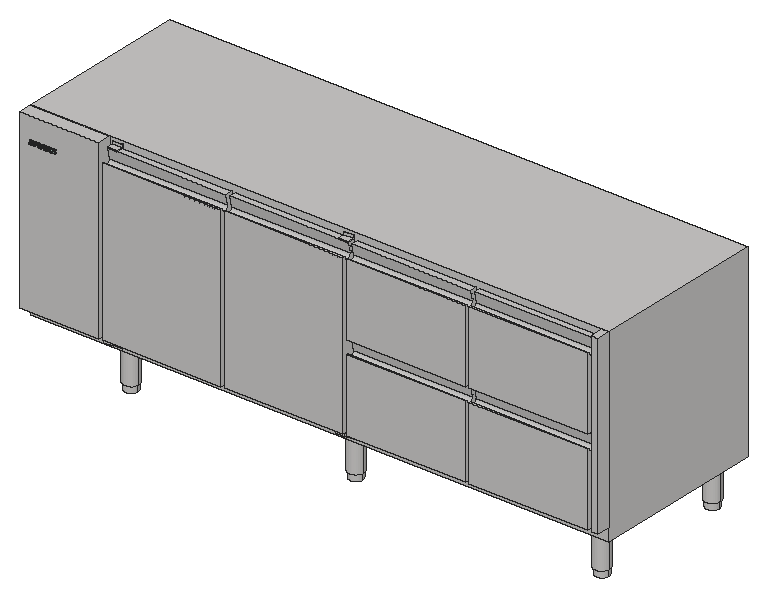
Revit family "QF_ALPENINOX_721090_AK4R7AABB", category Attrezzature speciali, Revit 2018 (continued)
Definition of nested family "HPC_APX_BI_TN_L"
  Lines and regions (mm)
    Split face 120
      outline origin (110, -951.3, 50) x (1, 0, 0) y (0, 1, 0)
        loop
          arc (-218.464, 607.474) -> (-222.464, 603.474) -> (-218.464, 599.474) r 4
          line (-218.464, 599.474) -> (-176.464, 599.474)
          arc (-176.464, 599.474) -> (-172.464, 603.474) -> (-176.464, 607.474) r 4
          line (-176.464, 607.474) -> (-218.464, 607.474)
    Split face 121
      outline origin (220, -951.3, 50) x (1, 0, 0) y (0, 1, 0)
        loop
          arc (-273.464, 607.474) -> (-277.464, 603.474) -> (-273.464, 599.474) r 4
          line (-273.464, 599.474) -> (-231.464, 599.474)
          arc (-231.464, 599.474) -> (-227.464, 603.474) -> (-231.464, 607.474) r 4
          line (-231.464, 607.474) -> (-273.464, 607.474)
    Split face 122
      outline origin (0, -975.3, 50) x (1, 0, 0) y (0, 1, 0)
        loop
          arc (-163.464, 619.474) -> (-167.464, 615.474) -> (-163.464, 611.474) r 4
          line (-163.464, 611.474) -> (-121.464, 611.474)
          arc (-121.464, 611.474) -> (-117.464, 615.474) -> (-121.464, 619.474) r 4
          line (-121.464, 619.474) -> (-163.464, 619.474)
    Split face 123
      outline origin (330, -975.3, 50) x (1, 0, 0) y (0, 1, 0)
        loop
          arc (-328.464, 619.474) -> (-332.464, 615.474) -> (-328.464, 611.474) r 4
          line (-328.464, 611.474) -> (-286.464, 611.474)
          arc (-286.464, 611.474) -> (-282.464, 615.474) -> (-286.464, 619.474) r 4
          line (-286.464, 619.474) -> (-328.464, 619.474)
    Split face 124
      outline origin (110, -975.3, 50) x (1, 0, 0) y (0, 1, 0)
        loop
          arc (-218.464, 619.474) -> (-222.464, 615.474) -> (-218.464, 611.474) r 4
          line (-218.464, 611.474) -> (-176.464, 611.474)
          arc (-176.464, 611.474) -> (-172.464, 615.474) -> (-176.464, 619.474) r 4
          line (-176.464, 619.474) -> (-218.464, 619.474)
    Split face 125
      outline origin (220, -975.3, 50) x (1, 0, 0) y (0, 1, 0)
        loop
          arc (-273.464, 619.474) -> (-277.464, 615.474) -> (-273.464, 611.474) r 4
          line (-273.464, 611.474) -> (-231.464, 611.474)
          arc (-231.464, 611.474) -> (-227.464, 615.474) -> (-231.464, 619.474) r 4
          line (-231.464, 619.474) -> (-273.464, 619.474)
    Split face 126
      outline origin (0, -999.3, 50) x (1, 0, 0) y (0, 1, 0)
        loop
          arc (-163.464, 631.474) -> (-167.464, 627.474) -> (-163.464, 623.474) r 4
          line (-163.464, 623.474) -> (-121.464, 623.474)
          arc (-121.464, 623.474) -> (-117.464, 627.474) -> (-121.464, 631.474) r 4
          line (-121.464, 631.474) -> (-163.464, 631.474)
    Split face 127
      outline origin (330, -999.3, 50) x (1, 0, 0) y (0, 1, 0)
        loop
          arc (-328.464, 631.474) -> (-332.464, 627.474) -> (-328.464, 623.474) r 4
          line (-328.464, 623.474) -> (-286.464, 623.474)
          arc (-286.464, 623.474) -> (-282.464, 627.474) -> (-286.464, 631.474) r 4
          line (-286.464, 631.474) -> (-328.464, 631.474)
    Split face 128
      outline origin (110, -999.3, 50) x (1, 0, 0) y (0, 1, 0)
        loop
          arc (-218.464, 631.474) -> (-222.464, 627.474) -> (-218.464, 623.474) r 4
          line (-218.464, 623.474) -> (-176.464, 623.474)
          arc (-176.464, 623.474) -> (-172.464, 627.474) -> (-176.464, 631.474) r 4
          line (-176.464, 631.474) -> (-218.464, 631.474)
    Split face 129
      outline origin (220, -999.3, 50) x (1, 0, 0) y (0, 1, 0)
        loop
          arc (-273.464, 631.474) -> (-277.464, 627.474) -> (-273.464, 623.474) r 4
          line (-273.464, 623.474) -> (-231.464, 623.474)
          arc (-231.464, 623.474) -> (-227.464, 627.474) -> (-231.464, 631.474) r 4
          line (-231.464, 631.474) -> (-273.464, 631.474)
    Split face 130
      outline origin (0, -1023.3, 50) x (1, 0, 0) y (0, 1, 0)
        loop
          arc (-163.464, 643.474) -> (-167.464, 639.474) -> (-163.464, 635.474) r 4
          line (-163.464, 635.474) -> (-121.464, 635.474)
          arc (-121.464, 635.474) -> (-117.464, 639.474) -> (-121.464, 643.474) r 4
          line (-121.464, 643.474) -> (-163.464, 643.474)
    Split face 131
      outline origin (330, -1023.3, 50) x (1, 0, 0) y (0, 1, 0)
        loop
          arc (-328.464, 643.474) -> (-332.464, 639.474) -> (-328.464, 635.474) r 4
          line (-328.464, 635.474) -> (-286.464, 635.474)
          arc (-286.464, 635.474) -> (-282.464, 639.474) -> (-286.464, 643.474) r 4
          line (-286.464, 643.474) -> (-328.464, 643.474)
    Split face 132
      outline origin (110, -1023.3, 50) x (1, 0, 0) y (0, 1, 0)
        loop
          arc (-218.464, 643.474) -> (-222.464, 639.474) -> (-218.464, 635.474) r 4
          line (-218.464, 635.474) -> (-176.464, 635.474)
          arc (-176.464, 635.474) -> (-172.464, 639.474) -> (-176.464, 643.474) r 4
          line (-176.464, 643.474) -> (-218.464, 643.474)
    Split face 133
      outline origin (220, -1023.3, 50) x (1, 0, 0) y (0, 1, 0)
        loop
          arc (-273.464, 643.474) -> (-277.464, 639.474) -> (-273.464, 635.474) r 4
          line (-273.464, 635.474) -> (-231.464, 635.474)
          arc (-231.464, 635.474) -> (-227.464, 639.474) -> (-231.464, 643.474) r 4
          line (-231.464, 643.474) -> (-273.464, 643.474)
    symbolic lines
      curve 1: line (87.08, -74, 50) -> (87.08, -74, 0)
  Dimensions and locks
    equal spacing: plane 6, plane 1 "Center (Front/Back)", plane 7
    equal spacing: plane 4, plane 3 "Center (Left/Right)", plane 5
    aligned and locked: plane 2 to Extrusion 1
    aligned and locked: level to Extrusion 1
  Automatic sketch dimensions
    Split face 5 sketch curve to Split face 5 sketch curve = 42 mm
    Split face 5 sketch curve to Split face 5 sketch curve = 4 mm
    Split face 6 sketch curve to Split face 6 sketch curve = 42 mm
    Split face 6 sketch curve to Split face 6 sketch curve = 4 mm
    Split face 7 sketch curve to Split face 7 sketch curve = 42 mm
    Split face 7 sketch curve to Split face 7 sketch curve = 4 mm
    Split face 8 sketch curve to Split face 8 sketch curve = 42 mm
    Split face 8 sketch curve to Split face 8 sketch curve = 4 mm
    Split face 9 sketch curve to Split face 9 sketch curve = 42 mm
    Split face 9 sketch curve to Split face 9 sketch curve = 4 mm
    Split face 10 sketch curve to Split face 10 sketch curve = 42 mm
    Split face 10 sketch curve to Split face 10 sketch curve = 4 mm
    Split face 11 sketch curve to Split face 11 sketch curve = 42 mm
    Split face 11 sketch curve to Split face 11 sketch curve = 4 mm
    Split face 12 sketch curve to Split face 12 sketch curve = 42 mm
    Split face 12 sketch curve to Split face 12 sketch curve = 4 mm
    Split face 13 sketch curve to Split face 13 sketch curve = 42 mm
    Split face 13 sketch curve to Split face 13 sketch curve = 4 mm
    Split face 14 sketch curve to Split face 14 sketch curve = 42 mm
    Split face 14 sketch curve to Split face 14 sketch curve = 4 mm
    Split face 15 sketch curve to Split face 15 sketch curve = 42 mm
    Split face 15 sketch curve to Split face 15 sketch curve = 4 mm
    Split face 16 sketch curve to Split face 16 sketch curve = 42 mm
    Split face 16 sketch curve to Split face 16 sketch curve = 4 mm
    Split face 17 sketch curve to Split face 17 sketch curve = 42 mm
    Split face 17 sketch curve to Split face 17 sketch curve = 4 mm
    Split face 18 sketch curve to Split face 18 sketch curve = 42 mm
    Split face 18 sketch curve to Split face 18 sketch curve = 4 mm
    Split face 19 sketch curve to Split face 19 sketch curve = 42 mm
    Split face 19 sketch curve to Split face 19 sketch curve = 4 mm
    Split face 20 sketch curve to Split face 20 sketch curve = 42 mm
    Split face 20 sketch curve to Split face 20 sketch curve = 4 mm
    Split face 21 sketch curve to Split face 21 sketch curve = 42 mm
    Split face 21 sketch curve to Split face 21 sketch curve = 4 mm
    Split face 22 sketch curve to Split face 22 sketch curve = 42 mm
    Split face 22 sketch curve to Split face 22 sketch curve = 4 mm
    Split face 23 sketch curve to Split face 23 sketch curve = 42 mm
    Split face 23 sketch curve to Split face 23 sketch curve = 4 mm
    Split face 24 sketch curve to Split face 24 sketch curve = 42 mm
    Split face 24 sketch curve to Split face 24 sketch curve = 4 mm
    Split face 25 sketch curve to Split face 25 sketch curve = 42 mm
    Split face 25 sketch curve to Split face 25 sketch curve = 4 mm
    Split face 26 sketch curve to Split face 26 sketch curve = 42 mm
    Split face 26 sketch curve to Split face 26 sketch curve = 4 mm
    Split face 27 sketch curve to Split face 27 sketch curve = 42 mm
    Split face 27 sketch curve to Split face 27 sketch curve = 4 mm
    Split face 28 sketch curve to Split face 28 sketch curve = 42 mm
    Split face 28 sketch curve to Split face 28 sketch curve = 4 mm
    Split face 29 sketch curve to Split face 29 sketch curve = 42 mm
    Split face 29 sketch curve to Split face 29 sketch curve = 4 mm
    Split face 30 sketch curve to Split face 30 sketch curve = 42 mm
    Split face 30 sketch curve to Split face 30 sketch curve = 4 mm
    Split face 31 sketch curve to Split face 31 sketch curve = 42 mm
    Split face 31 sketch curve to Split face 31 sketch curve = 4 mm
    Split face 32 sketch curve to Split face 32 sketch curve = 42 mm
    Split face 32 sketch curve to Split face 32 sketch curve = 4 mm
    Split face 33 sketch curve to Split face 33 sketch curve = 42 mm
    Split face 33 sketch curve to Split face 33 sketch curve = 4 mm
    Split face 34 sketch curve to Split face 34 sketch curve = 42 mm
    Split face 34 sketch curve to Split face 34 sketch curve = 4 mm
    Split face 35 sketch curve to Split face 35 sketch curve = 42 mm
    Split face 35 sketch curve to Split face 35 sketch curve = 4 mm
    Split face 36 sketch curve to Split face 36 sketch curve = 42 mm
    Split face 36 sketch curve to Split face 36 sketch curve = 4 mm
    Split face 37 sketch curve to Split face 37 sketch curve = 42 mm
    Split face 37 sketch curve to Split face 37 sketch curve = 4 mm
    Split face 38 sketch curve to Split face 38 sketch curve = 42 mm
    Split face 38 sketch curve to Split face 38 sketch curve = 4 mm
    Split face 39 sketch curve to Split face 39 sketch curve = 42 mm
    Split face 39 sketch curve to Split face 39 sketch curve = 4 mm
    Split face 40 sketch curve to Split face 40 sketch curve = 42 mm
    Split face 40 sketch curve to Split face 40 sketch curve = 4 mm
    Split face 41 sketch curve to Split face 41 sketch curve = 42 mm
    Split face 41 sketch curve to Split face 41 sketch curve = 4 mm
    Split face 42 sketch curve to Split face 42 sketch curve = 42 mm
    Split face 42 sketch curve to Split face 42 sketch curve = 4 mm
    Split face 43 sketch curve to Split face 43 sketch curve = 42 mm
    Split face 43 sketch curve to Split face 43 sketch curve = 4 mm
    Split face 44 sketch curve to Split face 44 sketch curve = 42 mm
    Split face 44 sketch curve to Split face 44 sketch curve = 4 mm
    Split face 45 sketch curve to Split face 45 sketch curve = 42 mm
    Split face 45 sketch curve to Split face 45 sketch curve = 4 mm
    Split face 46 sketch curve to Split face 46 sketch curve = 42 mm
    Split face 46 sketch curve to Split face 46 sketch curve = 4 mm
    Split face 47 sketch curve to Split face 47 sketch curve = 42 mm
    Split face 47 sketch curve to Split face 47 sketch curve = 4 mm
    Split face 48 sketch curve to Split face 48 sketch curve = 42 mm
    Split face 48 sketch curve to Split face 48 sketch curve = 4 mm
    Split face 49 sketch curve to Split face 49 sketch curve = 42 mm
    Split face 49 sketch curve to Split face 49 sketch curve = 4 mm
    Split face 50 sketch curve to Split face 50 sketch curve = 42 mm
    Split face 50 sketch curve to Split face 50 sketch curve = 4 mm
    Split face 51 sketch curve to Split face 51 sketch curve = 42 mm
    Split face 51 sketch curve to Split face 51 sketch curve = 4 mm
    Split face 52 sketch curve to Split face 52 sketch curve = 42 mm
    Split face 52 sketch curve to Split face 52 sketch curve = 4 mm
    Split face 53 sketch curve to Split face 53 sketch curve = 42 mm
    Split face 53 sketch curve to Split face 53 sketch curve = 4 mm
    Split face 54 sketch curve to Split face 54 sketch curve = 42 mm
    Split face 54 sketch curve to Split face 54 sketch curve = 4 mm
    Split face 55 sketch curve to Split face 55 sketch curve = 42 mm
    Split face 55 sketch curve to Split face 55 sketch curve = 4 mm
    Split face 56 sketch curve to Split face 56 sketch curve = 42 mm
    Split face 56 sketch curve to Split face 56 sketch curve = 4 mm
    Split face 57 sketch curve to Split face 57 sketch curve = 42 mm
    Split face 57 sketch curve to Split face 57 sketch curve = 4 mm
    Split face 58 sketch curve to Split face 58 sketch curve = 42 mm
    Split face 58 sketch curve to Split face 58 sketch curve = 4 mm
    Split face 59 sketch curve to Split face 59 sketch curve = 42 mm
    Split face 59 sketch curve to Split face 59 sketch curve = 4 mm
    Split face 60 sketch curve to Split face 60 sketch curve = 42 mm
    Split face 60 sketch curve to Split face 60 sketch curve = 4 mm
    Split face 61 sketch curve to Split face 61 sketch curve = 42 mm
    Split face 61 sketch curve to Split face 61 sketch curve = 4 mm
    Split face 62 sketch curve to Split face 62 sketch curve = 42 mm
    Split face 62 sketch curve to Split face 62 sketch curve = 4 mm
    Split face 63 sketch curve to Split face 63 sketch curve = 42 mm
    Split face 63 sketch curve to Split face 63 sketch curve = 4 mm
    Split face 64 sketch curve to Split face 64 sketch curve = 42 mm
    Split face 64 sketch curve to Split face 64 sketch curve = 4 mm
    Split face 65 sketch curve to Split face 65 sketch curve = 42 mm
    Split face 65 sketch curve to Split face 65 sketch curve = 4 mm
    Split face 66 sketch curve to Split face 66 sketch curve = 42 mm
    Split face 66 sketch curve to Split face 66 sketch curve = 4 mm
    Split face 67 sketch curve to Split face 67 sketch curve = 42 mm
    Split face 67 sketch curve to Split face 67 sketch curve = 4 mm
    Split face 68 sketch curve to Split face 68 sketch curve = 42 mm
    Split face 68 sketch curve to Split face 68 sketch curve = 4 mm
    Split face 70 sketch curve to Split face 70 sketch curve = 42 mm
    Split face 70 sketch curve to Split face 70 sketch curve = 4 mm
    Split face 71 sketch curve to Split face 71 sketch curve = 42 mm
    Split face 71 sketch curve to Split face 71 sketch curve = 4 mm
    Split face 72 sketch curve to Split face 72 sketch curve = 42 mm
    Split face 72 sketch curve to Split face 72 sketch curve = 4 mm
    Split face 73 sketch curve to Split face 73 sketch curve = 42 mm
    Split face 73 sketch curve to Split face 73 sketch curve = 4 mm
    Split face 74 sketch curve to Split face 74 sketch curve = 42 mm
    Split face 74 sketch curve to Split face 74 sketch curve = 4 mm
    Split face 75 sketch curve to Split face 75 sketch curve = 42 mm
    Split face 75 sketch curve to Split face 75 sketch curve = 4 mm
    Split face 76 sketch curve to Split face 76 sketch curve = 42 mm
    Split face 76 sketch curve to Split face 76 sketch curve = 4 mm
    Split face 77 sketch curve to Split face 77 sketch curve = 42 mm
    Split face 77 sketch curve to Split face 77 sketch curve = 4 mm
    Split face 78 sketch curve to Split face 78 sketch curve = 42 mm
    Split face 78 sketch curve to Split face 78 sketch curve = 4 mm
    Split face 79 sketch curve to Split face 79 sketch curve = 42 mm
    Split face 79 sketch curve to Split face 79 sketch curve = 4 mm
    Split face 80 sketch curve to Split face 80 sketch curve = 42 mm
    Split face 80 sketch curve to Split face 80 sketch curve = 4 mm
    Split face 81 sketch curve to Split face 81 sketch curve = 42 mm
    Split face 81 sketch curve to Split face 81 sketch curve = 4 mm
    Split face 82 sketch curve to Split face 82 sketch curve = 42 mm
    Split face 82 sketch curve to Split face 82 sketch curve = 4 mm
    Split face 83 sketch curve to Split face 83 sketch curve = 42 mm
    Split face 83 sketch curve to Split face 83 sketch curve = 4 mm
    Split face 84 sketch curve to Split face 84 sketch curve = 42 mm
    Split face 84 sketch curve to Split face 84 sketch curve = 4 mm
    Split face 85 sketch curve to Split face 85 sketch curve = 42 mm
    Split face 85 sketch curve to Split face 85 sketch curve = 4 mm
    Split face 86 sketch curve to Split face 86 sketch curve = 42 mm
    Split face 86 sketch curve to Split face 86 sketch curve = 4 mm
    Split face 87 sketch curve to Split face 87 sketch curve = 42 mm
    Split face 87 sketch curve to Split face 87 sketch curve = 4 mm
    Split face 88 sketch curve to Split face 88 sketch curve = 42 mm
    Split face 88 sketch curve to Split face 88 sketch curve = 4 mm
    Split face 89 sketch curve to Split face 89 sketch curve = 42 mm
    Split face 89 sketch curve to Split face 89 sketch curve = 4 mm
    Split face 90 sketch curve to Split face 90 sketch curve = 42 mm
    Split face 90 sketch curve to Split face 90 sketch curve = 4 mm
    Split face 91 sketch curve to Split face 91 sketch curve = 42 mm
    Split face 91 sketch curve to Split face 91 sketch curve = 4 mm
    Split face 92 sketch curve to Split face 92 sketch curve = 42 mm
    Split face 92 sketch curve to Split face 92 sketch curve = 4 mm
    Split face 93 sketch curve to Split face 93 sketch curve = 42 mm
    Split face 93 sketch curve to Split face 93 sketch curve = 4 mm
    Split face 94 sketch curve to Split face 94 sketch curve = 42 mm
    Split face 94 sketch curve to Split face 94 sketch curve = 4 mm
    Split face 95 sketch curve to Split face 95 sketch curve = 42 mm
    Split face 95 sketch curve to Split face 95 sketch curve = 4 mm
    Split face 96 sketch curve to Split face 96 sketch curve = 42 mm
    Split face 96 sketch curve to Split face 96 sketch curve = 4 mm
    Split face 97 sketch curve to Split face 97 sketch curve = 42 mm
    Split face 97 sketch curve to Split face 97 sketch curve = 4 mm
    Split face 98 sketch curve to Split face 98 sketch curve = 42 mm
    Split face 98 sketch curve to Split face 98 sketch curve = 4 mm
    Split face 99 sketch curve to Split face 99 sketch curve = 42 mm
    Split face 99 sketch curve to Split face 99 sketch curve = 4 mm
    Split face 100 sketch curve to Split face 100 sketch curve = 42 mm
    Split face 100 sketch curve to Split face 100 sketch curve = 4 mm
    Split face 101 sketch curve to Split face 101 sketch curve = 42 mm
    Split face 101 sketch curve to Split face 101 sketch curve = 4 mm
    Split face 102 sketch curve to Split face 102 sketch curve = 42 mm
    Split face 102 sketch curve to Split face 102 sketch curve = 4 mm
    Split face 103 sketch curve to Split face 103 sketch curve = 42 mm
    Split face 103 sketch curve to Split face 103 sketch curve = 4 mm
    Split face 104 sketch curve to Split face 104 sketch curve = 42 mm
    Split face 104 sketch curve to Split face 104 sketch curve = 4 mm
    Split face 105 sketch curve to Split face 105 sketch curve = 42 mm
    Split face 105 sketch curve to Split face 105 sketch curve = 4 mm
    Split face 106 sketch curve to Split face 106 sketch curve = 42 mm
    Split face 106 sketch curve to Split face 106 sketch curve = 4 mm
    Split face 107 sketch curve to Split face 107 sketch curve = 42 mm
    Split face 107 sketch curve to Split face 107 sketch curve = 4 mm
    Split face 108 sketch curve to Split face 108 sketch curve = 42 mm
    Split face 108 sketch curve to Split face 108 sketch curve = 4 mm
    Split face 109 sketch curve to Split face 109 sketch curve = 42 mm
    Split face 109 sketch curve to Split face 109 sketch curve = 4 mm
    Split face 110 sketch curve to Split face 110 sketch curve = 42 mm
    Split face 110 sketch curve to Split face 110 sketch curve = 4 mm
    Split face 111 sketch curve to Split face 111 sketch curve = 42 mm
    Split face 111 sketch curve to Split face 111 sketch curve = 4 mm
    Split face 112 sketch curve to Split face 112 sketch curve = 42 mm
    Split face 112 sketch curve to Split face 112 sketch curve = 4 mm
    Split face 113 sketch curve to Split face 113 sketch curve = 42 mm
    Split face 113 sketch curve to Split face 113 sketch curve = 4 mm
    Split face 114 sketch curve to Split face 114 sketch curve = 42 mm
    Split face 114 sketch curve to Split face 114 sketch curve = 4 mm
    Split face 115 sketch curve to Split face 115 sketch curve = 42 mm
    Split face 115 sketch curve to Split face 115 sketch curve = 4 mm
    Split face 116 sketch curve to Split face 116 sketch curve = 42 mm
    Split face 116 sketch curve to Split face 116 sketch curve = 4 mm
    Split face 117 sketch curve to Split face 117 sketch curve = 42 mm
    Split face 117 sketch curve to Split face 117 sketch curve = 4 mm
    Split face 118 sketch curve to Split face 118 sketch curve = 42 mm
    Split face 118 sketch curve to Split face 118 sketch curve = 4 mm
    Split face 119 sketch curve to Split face 119 sketch curve = 42 mm
    Split face 119 sketch curve to Split face 119 sketch curve = 4 mm
    Split face 120 sketch curve to Split face 120 sketch curve = 42 mm
    Split face 120 sketch curve to Split face 120 sketch curve = 4 mm
    Split face 121 sketch curve to Split face 121 sketch curve = 42 mm
    Split face 121 sketch curve to Split face 121 sketch curve = 4 mm
    Split face 122 sketch curve to Split face 122 sketch curve = 42 mm
    Split face 122 sketch curve to Split face 122 sketch curve = 4 mm
    Split face 123 sketch curve to Split face 123 sketch curve = 42 mm
    Split face 123 sketch curve to Split face 123 sketch curve = 4 mm
    Split face 124 sketch curve to Split face 124 sketch curve = 42 mm
    Split face 124 sketch curve to Split face 124 sketch curve = 4 mm
    Split face 125 sketch curve to Split face 125 sketch curve = 42 mm
    Split face 125 sketch curve to Split face 125 sketch curve = 4 mm
    Split face 126 sketch curve to Split face 126 sketch curve = 42 mm
    Split face 126 sketch curve to Split face 126 sketch curve = 4 mm
    Split face 127 sketch curve to Split face 127 sketch curve = 42 mm
    Split face 127 sketch curve to Split face 127 sketch curve = 4 mm
    Split face 128 sketch curve to Split face 128 sketch curve = 42 mm
    Split face 128 sketch curve to Split face 128 sketch curve = 4 mm
    Split face 129 sketch curve to Split face 129 sketch curve = 42 mm
    Split face 129 sketch curve to Split face 129 sketch curve = 4 mm
    Split face 130 sketch curve to Split face 130 sketch curve = 42 mm
    Split face 130 sketch curve to Split face 130 sketch curve = 4 mm
    Split face 131 sketch curve to Split face 131 sketch curve = 42 mm
    Split face 131 sketch curve to Split face 131 sketch curve = 4 mm
    Split face 132 sketch curve to Split face 132 sketch curve = 42 mm
    Split face 132 sketch curve to Split face 132 sketch curve = 4 mm
    Split face 133 sketch curve to Split face 133 sketch curve = 42 mm
    Split face 133 sketch curve to Split face 133 sketch curve = 4 mm
    Extrusion 1 sketch curve to Extrusion 1 sketch curve = 2438.4 mm  (x2)
    Extrusion 2 sketch curve to plane 4 = 0 mm
    Extrusion 2 sketch curve to plane 5 = 0 mm
    Extrusion 2 sketch curve to plane 7 = 0 mm
    Extrusion 2 sketch curve to plane 6 = 0 mm
    Split face 1 sketch curve to Extrusion 2 = 0 mm  (x2)
    Split face 1 sketch curve to Extrusion 2 = 34 mm
    Split face 1 sketch curve to Extrusion 2 = 104 mm
    Split face 1 sketch curve to Split face 1 sketch curve = 17.5 mm
    Split face 2 sketch curve to Extrusion 2 = 130.5 mm
    Split face 2 sketch curve to Extrusion 2 = 60.5 mm
    Split face 2 sketch curve to Extrusion 2 = 98 mm
    Split face 2 sketch curve to Split face 2 sketch curve = 23 mm
    Split face 3 sketch curve to Extrusion 2 = 80.5 mm
    Split face 3 sketch curve to Split face 3 sketch curve = 17 mm  (x2)
    Split face 3 sketch curve to Extrusion 2 = 95 mm
    plane 4 to Extrusion 3 sketch curve = 34.51 mm
    Extrusion 3 sketch curve to Extrusion 3 sketch curve = 1.266 mm
    Extrusion 3 sketch curve to Extrusion 3 sketch curve = 1.307 mm
    Extrusion 3 sketch curve to Extrusion 3 sketch curve = 0.57 mm
    Extrusion 3 sketch curve to Extrusion 3 sketch curve = 0.593 mm
    Extrusion 3 sketch curve to Extrusion 3 sketch curve = 0.799 mm
    Extrusion 3 sketch curve to Extrusion 3 sketch curve = 1.99 mm  (x2)
    Extrusion 3 sketch curve to Extrusion 3 sketch curve = 0.003 mm
    Extrusion 3 sketch curve to Extrusion 3 sketch curve = 3.534 mm
    Extrusion 3 sketch curve to Extrusion 3 sketch curve = 0.835 mm
    Extrusion 3 sketch curve to Extrusion 3 sketch curve = 0.56 mm
    Extrusion 3 sketch curve to Extrusion 3 sketch curve = 1.268 mm
    Extrusion 3 sketch curve to Extrusion 3 sketch curve = 1.223 mm
    Extrusion 3 sketch curve to Extrusion 3 sketch curve = 1.344 mm
    Extrusion 3 sketch curve to Extrusion 3 sketch curve = 1.394 mm  (x2)
    Extrusion 3 sketch curve to Extrusion 3 sketch curve = 1.512 mm
    Extrusion 3 sketch curve to Extrusion 3 sketch curve = 3.309 mm
    Extrusion 3 sketch curve to Extrusion 3 sketch curve = 5.841 mm
    Extrusion 3 sketch curve to Extrusion 3 sketch curve = 1.393 mm
    Extrusion 3 sketch curve to Extrusion 3 sketch curve = 1.439 mm
    Extrusion 3 sketch curve to Extrusion 3 sketch curve = 0 mm  (x19)
    Extrusion 3 sketch curve to Extrusion 3 sketch curve = 1.902 mm
    Extrusion 3 sketch curve to Extrusion 3 sketch curve = 0.052 mm
    Extrusion 3 sketch curve to Extrusion 3 sketch curve = 2.065 mm
    Extrusion 3 sketch curve to Extrusion 3 sketch curve = 0.647 mm
    Extrusion 3 sketch curve to Extrusion 3 sketch curve = 8.079 mm
    Extrusion 3 sketch curve to Extrusion 3 sketch curve = 0.073 mm
    Extrusion 3 sketch curve to Extrusion 3 sketch curve = 2.145 mm
    Extrusion 3 sketch curve to Extrusion 3 sketch curve = 2.931 mm
    Extrusion 3 sketch curve to Extrusion 3 sketch curve = 0.213 mm
    Extrusion 3 sketch curve to Extrusion 3 sketch curve = 0.026 mm
    Extrusion 3 sketch curve to Extrusion 3 sketch curve = 0.263 mm
    Extrusion 3 sketch curve to Extrusion 3 sketch curve = 0.516 mm
    Extrusion 3 sketch curve to Extrusion 3 sketch curve = 0.356 mm
    Extrusion 3 sketch curve to Extrusion 3 sketch curve = 0.387 mm
    Extrusion 3 sketch curve to Extrusion 3 sketch curve = 2.378 mm
    Extrusion 3 sketch curve to Extrusion 3 sketch curve = 2.466 mm
    Extrusion 3 sketch curve to Extrusion 3 sketch curve = 0.602 mm
    Extrusion 3 sketch curve to Extrusion 3 sketch curve = 1.02 mm
    Extrusion 3 sketch curve to Extrusion 3 sketch curve = 0.949 mm
    Extrusion 3 sketch curve to Extrusion 3 sketch curve = 1.728 mm
    Extrusion 3 sketch curve to Extrusion 3 sketch curve = 0.157 mm  (x2)
    Extrusion 3 sketch curve to Extrusion 3 sketch curve = 0.292 mm
    Extrusion 3 sketch curve to Extrusion 3 sketch curve = 3.565 mm
    Extrusion 3 sketch curve to Extrusion 3 sketch curve = 1.396 mm  (x2)
    Extrusion 3 sketch curve to Extrusion 3 sketch curve = 1.418 mm  (x2)
    Extrusion 3 sketch curve to Extrusion 3 sketch curve = 1.151 mm  (x2)
    Extrusion 3 sketch curve to Extrusion 3 sketch curve = 5.709 mm  (x2)
    Extrusion 3 sketch curve to Extrusion 3 sketch curve = 0.224 mm  (x2)
    Extrusion 3 sketch curve to Extrusion 3 sketch curve = 1.149 mm  (x2)
    Extrusion 3 sketch curve to Extrusion 3 sketch curve = 1.395 mm  (x2)
    Extrusion 3 sketch curve to Extrusion 3 sketch curve = 1.744 mm
    Extrusion 3 sketch curve to Extrusion 3 sketch curve = 1.745 mm
    Extrusion 3 sketch curve to Extrusion 3 sketch curve = 6.963 mm
    Extrusion 3 sketch curve to Extrusion 3 sketch curve = 0.493 mm  (x3)
    Extrusion 3 sketch curve to Extrusion 3 sketch curve = 0.273 mm  (x2)
    Extrusion 3 sketch curve to Extrusion 3 sketch curve = 0.021 mm  (x2)
    Extrusion 3 sketch curve to Extrusion 3 sketch curve = 0.226 mm  (x2)
    Extrusion 3 sketch curve to Extrusion 3 sketch curve = 0.268 mm  (x2)
    Extrusion 3 sketch curve to Extrusion 3 sketch curve = 0.294 mm
    Extrusion 3 sketch curve to Extrusion 3 sketch curve = 5.238 mm
    Extrusion 3 sketch curve to Extrusion 3 sketch curve = 5.908 mm
    Extrusion 3 sketch curve to Extrusion 3 sketch curve = 1.109 mm  (x2)
    Extrusion 3 sketch curve to Extrusion 3 sketch curve = 1.108 mm  (x2)
    Extrusion 3 sketch curve to Extrusion 3 sketch curve = 1.142 mm  (x2)
    Extrusion 3 sketch curve to Extrusion 3 sketch curve = 1.216 mm  (x2)
    Extrusion 3 sketch curve to Extrusion 3 sketch curve = 3.013 mm
    Extrusion 3 sketch curve to Extrusion 3 sketch curve = 1.616 mm  (x3)
    Extrusion 3 sketch curve to Extrusion 3 sketch curve = 2.305 mm
    Extrusion 3 sketch curve to Extrusion 3 sketch curve = 3.049 mm
    Extrusion 3 sketch curve to plane 6 = 93.469 mm
    Extrusion 3 sketch curve to Extrusion 3 sketch curve = 0.498 mm
    Extrusion 3 sketch curve to Extrusion 3 sketch curve = 0.682 mm
    Extrusion 3 sketch curve to Extrusion 3 sketch curve = 0.664 mm
    Extrusion 3 sketch curve to Extrusion 3 sketch curve = 0.425 mm
    Extrusion 3 sketch curve to Extrusion 3 sketch curve = 0.41 mm
    Extrusion 3 sketch curve to Extrusion 3 sketch curve = 1.272 mm
    Extrusion 3 sketch curve to Extrusion 3 sketch curve = 0.789 mm  (x2)
    Extrusion 3 sketch curve to Extrusion 3 sketch curve = 0.056 mm
    Extrusion 3 sketch curve to Extrusion 3 sketch curve = 0.83 mm
    Extrusion 3 sketch curve to Extrusion 3 sketch curve = 1.238 mm
    Extrusion 3 sketch curve to Extrusion 3 sketch curve = 1.732 mm
    Extrusion 3 sketch curve to Extrusion 3 sketch curve = 0.346 mm
    Extrusion 3 sketch curve to Extrusion 3 sketch curve = 1.123 mm
    Extrusion 3 sketch curve to Extrusion 3 sketch curve = 3.023 mm
    Extrusion 3 sketch curve to Extrusion 3 sketch curve = 4.203 mm
    Extrusion 3 sketch curve to Extrusion 3 sketch curve = 3.452 mm  (x2)
    Extrusion 3 sketch curve to Extrusion 3 sketch curve = 2.544 mm
    Extrusion 3 sketch curve to Extrusion 3 sketch curve = 1.177 mm
    Extrusion 3 sketch curve to Extrusion 3 sketch curve = 3.261 mm
    Extrusion 3 sketch curve to Extrusion 3 sketch curve = 0.352 mm  (x2)
    Extrusion 3 sketch curve to Extrusion 3 sketch curve = 1.987 mm
    Extrusion 3 sketch curve to Extrusion 3 sketch curve = 0.171 mm
    Extrusion 3 sketch curve to Extrusion 3 sketch curve = 0.533 mm  (x3)
    Extrusion 3 sketch curve to Extrusion 3 sketch curve = 0.14 mm  (x4)
    Extrusion 3 sketch curve to Extrusion 3 sketch curve = 0.473 mm
    Extrusion 3 sketch curve to Extrusion 3 sketch curve = 0.31 mm  (x2)
    Extrusion 3 sketch curve to Extrusion 3 sketch curve = 0.075 mm
    Extrusion 3 sketch curve to Extrusion 3 sketch curve = 2.431 mm
    Extrusion 3 sketch curve to Extrusion 3 sketch curve = 2.32 mm  (x2)
    Extrusion 3 sketch curve to Extrusion 3 sketch curve = 1.992 mm
    Extrusion 3 sketch curve to Extrusion 3 sketch curve = 0.674 mm
    Extrusion 3 sketch curve to Extrusion 3 sketch curve = 0.732 mm
    Extrusion 3 sketch curve to Extrusion 3 sketch curve = 0.388 mm
    Extrusion 3 sketch curve to Extrusion 3 sketch curve = 0.121 mm
    Extrusion 3 sketch curve to Extrusion 3 sketch curve = 2.589 mm
    Extrusion 3 sketch curve to Extrusion 3 sketch curve = 0.662 mm
    Extrusion 3 sketch curve to Extrusion 3 sketch curve = 3.473 mm
    Extrusion 3 sketch curve to Extrusion 3 sketch curve = 0.681 mm
    Extrusion 3 sketch curve to Extrusion 3 sketch curve = 1.615 mm
    Extrusion 3 sketch curve to Extrusion 3 sketch curve = 0.34 mm
    Extrusion 3 sketch curve to Extrusion 3 sketch curve = 2.288 mm
    Extrusion 3 sketch curve to Extrusion 3 sketch curve = 0.942 mm
    Extrusion 3 sketch curve to Extrusion 3 sketch curve = 5.4 mm
    Extrusion 3 sketch curve to Extrusion 3 sketch curve = 1.768 mm  (x2)
    Extrusion 3 sketch curve to Extrusion 3 sketch curve = 0.761 mm
    Extrusion 3 sketch curve to Extrusion 3 sketch curve = 0.996 mm
    Extrusion 3 sketch curve to Extrusion 3 sketch curve = 3.543 mm  (x2)
    Extrusion 3 sketch curve to Extrusion 3 sketch curve = 7.017 mm
    Extrusion 3 sketch curve to Extrusion 3 sketch curve = 0.11 mm
    Extrusion 3 sketch curve to Extrusion 3 sketch curve = 0.823 mm  (x2)
    Extrusion 3 sketch curve to Extrusion 3 sketch curve = 0.947 mm
    Extrusion 3 sketch curve to Extrusion 3 sketch curve = 3.837 mm
    Extrusion 3 sketch curve to Extrusion 3 sketch curve = 0.623 mm
    Extrusion 3 sketch curve to Extrusion 3 sketch curve = 1.082 mm
    Extrusion 3 sketch curve to Extrusion 3 sketch curve = 0.801 mm
    Extrusion 3 sketch curve to Extrusion 3 sketch curve = 1 mm
    Extrusion 3 sketch curve to Extrusion 3 sketch curve = 0.089 mm
    Extrusion 3 sketch curve to Extrusion 3 sketch curve = 4.257 mm
    Extrusion 3 sketch curve to Extrusion 3 sketch curve = 4.345 mm  (x2)
    Extrusion 3 sketch curve to Extrusion 3 sketch curve = 2.576 mm
    Extrusion 3 sketch curve to Extrusion 3 sketch curve = 1.385 mm  (x4)
    Extrusion 3 sketch curve to Extrusion 3 sketch curve = 2.133 mm  (x4)
    Extrusion 3 sketch curve to Extrusion 3 sketch curve = 3.518 mm
    Extrusion 3 sketch curve to Extrusion 3 sketch curve = 5.603 mm
    Extrusion 3 sketch curve to Extrusion 3 sketch curve = 2.571 mm
    Split face 4 sketch curve to Extrusion 2 = 0 mm  (x2)
    Split face 4 sketch curve to Extrusion 2 = 64 mm
    Split face 69 sketch curve to Extrusion 2 = 0 mm  (x2)
    Split face 69 sketch curve to Extrusion 2 = 109 mm
    Split face 5 sketch curve to Extrusion 2 = 43.456 mm
    Split face 5 sketch curve to Extrusion 2 = 128.176 mm
    Split face 6 sketch curve to Extrusion 2 = 85.544 mm
    Split face 6 sketch curve to Extrusion 2 = 128.176 mm
    Split face 7 sketch curve to Extrusion 2 = 98.456 mm
    Split face 7 sketch curve to Extrusion 2 = 128.176 mm
    Split face 8 sketch curve to Extrusion 2 = 140.544 mm
    Split face 8 sketch curve to Extrusion 2 = 128.176 mm
    Split face 9 sketch curve to Extrusion 2 = 43.456 mm
    Split face 9 sketch curve to Extrusion 2 = 140.176 mm
    Split face 10 sketch curve to Extrusion 2 = 85.544 mm
    Split face 10 sketch curve to Extrusion 2 = 140.176 mm
    Split face 11 sketch curve to Extrusion 2 = 98.456 mm
    Split face 11 sketch curve to Extrusion 2 = 140.176 mm
    Split face 12 sketch curve to Extrusion 2 = 140.544 mm
    Split face 12 sketch curve to Extrusion 2 = 140.176 mm
    Split face 13 sketch curve to Extrusion 2 = 43.456 mm
    Split face 13 sketch curve to Extrusion 2 = 152.176 mm
    Split face 14 sketch curve to Extrusion 2 = 85.544 mm
    Split face 14 sketch curve to Extrusion 2 = 152.176 mm
    Split face 15 sketch curve to Extrusion 2 = 98.456 mm
    Split face 15 sketch curve to Extrusion 2 = 152.176 mm
    Split face 16 sketch curve to Extrusion 2 = 140.544 mm
    Split face 16 sketch curve to Extrusion 2 = 152.176 mm
    Split face 17 sketch curve to Extrusion 2 = 43.456 mm
    Split face 17 sketch curve to Extrusion 2 = 164.176 mm
    Split face 18 sketch curve to Extrusion 2 = 85.544 mm
    Split face 18 sketch curve to Extrusion 2 = 164.176 mm
    Split face 19 sketch curve to Extrusion 2 = 98.456 mm
    Split face 19 sketch curve to Extrusion 2 = 164.176 mm
    Split face 20 sketch curve to Extrusion 2 = 140.544 mm
    Split face 20 sketch curve to Extrusion 2 = 164.176 mm
    Split face 21 sketch curve to Extrusion 2 = 43.456 mm
    Split face 21 sketch curve to Extrusion 2 = 176.176 mm
    Split face 22 sketch curve to Extrusion 2 = 85.544 mm
    Split face 22 sketch curve to Extrusion 2 = 176.176 mm
    Split face 23 sketch curve to Extrusion 2 = 98.456 mm
    Split face 23 sketch curve to Extrusion 2 = 176.176 mm
    Split face 24 sketch curve to Extrusion 2 = 140.544 mm
    Split face 24 sketch curve to Extrusion 2 = 176.176 mm
    Split face 25 sketch curve to Extrusion 2 = 43.456 mm
    Split face 25 sketch curve to Extrusion 2 = 188.176 mm
    Split face 26 sketch curve to Extrusion 2 = 85.544 mm
    Split face 26 sketch curve to Extrusion 2 = 188.176 mm
    Split face 27 sketch curve to Extrusion 2 = 98.456 mm
    Split face 27 sketch curve to Extrusion 2 = 188.176 mm
    Split face 28 sketch curve to Extrusion 2 = 140.544 mm
    Split face 28 sketch curve to Extrusion 2 = 188.176 mm
    Split face 29 sketch curve to Extrusion 2 = 43.456 mm
    Split face 29 sketch curve to Extrusion 2 = 200.176 mm
    Split face 30 sketch curve to Extrusion 2 = 85.544 mm
    Split face 30 sketch curve to Extrusion 2 = 200.176 mm
    Split face 31 sketch curve to Extrusion 2 = 98.456 mm
    Split face 31 sketch curve to Extrusion 2 = 200.176 mm
    Split face 32 sketch curve to Extrusion 2 = 140.544 mm
    Split face 32 sketch curve to Extrusion 2 = 200.176 mm
    Split face 33 sketch curve to Extrusion 2 = 43.456 mm
    Split face 33 sketch curve to Extrusion 2 = 212.176 mm
    Split face 34 sketch curve to Extrusion 2 = 85.544 mm
    Split face 34 sketch curve to Extrusion 2 = 212.176 mm
    Split face 35 sketch curve to Extrusion 2 = 98.456 mm
    Split face 35 sketch curve to Extrusion 2 = 212.176 mm
    Split face 36 sketch curve to Extrusion 2 = 140.544 mm
    Split face 36 sketch curve to Extrusion 2 = 212.176 mm
    Split face 37 sketch curve to Extrusion 2 = 43.456 mm
    Split face 37 sketch curve to Extrusion 2 = 224.176 mm
    Split face 38 sketch curve to Extrusion 2 = 85.544 mm
    Split face 38 sketch curve to Extrusion 2 = 224.176 mm
    Split face 39 sketch curve to Extrusion 2 = 98.456 mm
    Split face 39 sketch curve to Extrusion 2 = 224.176 mm
    Split face 40 sketch curve to Extrusion 2 = 140.544 mm
    Split face 40 sketch curve to Extrusion 2 = 224.176 mm
    Split face 41 sketch curve to Extrusion 2 = 43.456 mm
    Split face 41 sketch curve to Extrusion 2 = 236.176 mm
    Split face 42 sketch curve to Extrusion 2 = 85.544 mm
    Split face 42 sketch curve to Extrusion 2 = 236.176 mm
    Split face 43 sketch curve to Extrusion 2 = 98.456 mm
    Split face 43 sketch curve to Extrusion 2 = 236.176 mm
    Split face 44 sketch curve to Extrusion 2 = 140.544 mm
    Split face 44 sketch curve to Extrusion 2 = 236.176 mm
    Split face 45 sketch curve to Extrusion 2 = 43.456 mm
    Split face 45 sketch curve to Extrusion 2 = 248.176 mm
    Split face 46 sketch curve to Extrusion 2 = 85.544 mm
    Split face 46 sketch curve to Extrusion 2 = 248.176 mm
    Split face 47 sketch curve to Extrusion 2 = 98.456 mm
    Split face 47 sketch curve to Extrusion 2 = 248.176 mm
    Split face 48 sketch curve to Extrusion 2 = 140.544 mm
    Split face 48 sketch curve to Extrusion 2 = 248.176 mm
    Split face 49 sketch curve to Extrusion 2 = 43.456 mm
    Split face 49 sketch curve to Extrusion 2 = 260.176 mm
    Split face 50 sketch curve to Extrusion 2 = 85.544 mm
    Split face 50 sketch curve to Extrusion 2 = 260.176 mm
    Split face 51 sketch curve to Extrusion 2 = 98.456 mm
    Split face 51 sketch curve to Extrusion 2 = 260.176 mm
    Split face 52 sketch curve to Extrusion 2 = 140.544 mm
    Split face 52 sketch curve to Extrusion 2 = 260.176 mm
    Split face 53 sketch curve to Extrusion 2 = 43.456 mm
    Split face 53 sketch curve to Extrusion 2 = 272.176 mm
    Split face 54 sketch curve to Extrusion 2 = 85.544 mm
    Split face 54 sketch curve to Extrusion 2 = 272.176 mm
    Split face 55 sketch curve to Extrusion 2 = 98.456 mm
    Split face 55 sketch curve to Extrusion 2 = 272.176 mm
    Split face 56 sketch curve to Extrusion 2 = 140.544 mm
    Split face 56 sketch curve to Extrusion 2 = 272.176 mm
    Split face 57 sketch curve to Extrusion 2 = 43.456 mm
    Split face 57 sketch curve to Extrusion 2 = 284.176 mm
    Split face 58 sketch curve to Extrusion 2 = 85.544 mm
    Split face 58 sketch curve to Extrusion 2 = 284.176 mm
    Split face 59 sketch curve to Extrusion 2 = 98.456 mm
    Split face 59 sketch curve to Extrusion 2 = 284.176 mm
    Split face 60 sketch curve to Extrusion 2 = 140.544 mm
    Split face 60 sketch curve to Extrusion 2 = 284.176 mm
    Split face 61 sketch curve to Extrusion 2 = 43.456 mm
    Split face 61 sketch curve to Extrusion 2 = 296.176 mm
    Split face 62 sketch curve to Extrusion 2 = 85.544 mm
    Split face 62 sketch curve to Extrusion 2 = 296.176 mm
    Split face 63 sketch curve to Extrusion 2 = 98.456 mm
    Split face 63 sketch curve to Extrusion 2 = 296.176 mm
    Split face 64 sketch curve to Extrusion 2 = 140.544 mm
    Split face 64 sketch curve to Extrusion 2 = 296.176 mm
    Split face 65 sketch curve to Extrusion 2 = 43.456 mm
    Split face 65 sketch curve to Extrusion 2 = 308.176 mm
    Split face 66 sketch curve to Extrusion 2 = 85.544 mm
    Split face 66 sketch curve to Extrusion 2 = 308.176 mm
    Split face 67 sketch curve to Extrusion 2 = 98.456 mm
    Split face 67 sketch curve to Extrusion 2 = 308.176 mm
    Split face 68 sketch curve to Extrusion 2 = 140.544 mm
    Split face 68 sketch curve to Extrusion 2 = 308.176 mm
    Split face 70 sketch curve to Extrusion 2 = 43.456 mm
    Split face 70 sketch curve to Extrusion 2 = 192.174 mm
    Split face 71 sketch curve to Extrusion 2 = 85.544 mm
    Split face 71 sketch curve to Extrusion 2 = 192.174 mm
    Split face 72 sketch curve to Extrusion 2 = 98.456 mm
    Split face 72 sketch curve to Extrusion 2 = 192.174 mm
    Split face 73 sketch curve to Extrusion 2 = 140.544 mm
    Split face 73 sketch curve to Extrusion 2 = 192.174 mm
    Split face 74 sketch curve to Extrusion 2 = 43.456 mm
    Split face 74 sketch curve to Extrusion 2 = 180.174 mm
    Split face 75 sketch curve to Extrusion 2 = 85.544 mm
    Split face 75 sketch curve to Extrusion 2 = 180.174 mm
    Split face 76 sketch curve to Extrusion 2 = 98.456 mm
    Split face 76 sketch curve to Extrusion 2 = 180.174 mm
    Split face 77 sketch curve to Extrusion 2 = 140.544 mm
    Split face 77 sketch curve to Extrusion 2 = 180.174 mm
    Split face 78 sketch curve to Extrusion 2 = 43.456 mm
    Split face 78 sketch curve to Extrusion 2 = 168.174 mm
    Split face 79 sketch curve to Extrusion 2 = 85.544 mm
    Split face 79 sketch curve to Extrusion 2 = 168.174 mm
    Split face 80 sketch curve to Extrusion 2 = 98.456 mm
    Split face 80 sketch curve to Extrusion 2 = 168.174 mm
    Split face 81 sketch curve to Extrusion 2 = 140.544 mm
    Split face 81 sketch curve to Extrusion 2 = 168.174 mm
    Split face 82 sketch curve to Extrusion 2 = 43.456 mm
    Split face 82 sketch curve to Extrusion 2 = 156.174 mm
    Split face 83 sketch curve to Extrusion 2 = 85.544 mm
    Split face 83 sketch curve to Extrusion 2 = 156.174 mm
    Split face 84 sketch curve to Extrusion 2 = 98.456 mm
    Split face 84 sketch curve to Extrusion 2 = 156.174 mm
    Split face 85 sketch curve to Extrusion 2 = 140.544 mm
    Split face 85 sketch curve to Extrusion 2 = 156.174 mm
    Split face 86 sketch curve to Extrusion 2 = 43.456 mm
    Split face 86 sketch curve to Extrusion 2 = 144.174 mm
    Split face 87 sketch curve to Extrusion 2 = 85.544 mm
    Split face 87 sketch curve to Extrusion 2 = 144.174 mm
    Split face 88 sketch curve to Extrusion 2 = 98.456 mm
    Split face 88 sketch curve to Extrusion 2 = 144.174 mm
    Split face 89 sketch curve to Extrusion 2 = 140.544 mm
    Split face 89 sketch curve to Extrusion 2 = 144.174 mm
    Split face 90 sketch curve to Extrusion 2 = 43.456 mm
    Split face 90 sketch curve to Extrusion 2 = 132.174 mm
    Split face 91 sketch curve to Extrusion 2 = 85.544 mm
    Split face 91 sketch curve to Extrusion 2 = 132.174 mm
    Split face 92 sketch curve to Extrusion 2 = 98.456 mm
    Split face 92 sketch curve to Extrusion 2 = 132.174 mm
    Split face 93 sketch curve to Extrusion 2 = 140.544 mm
    Split face 93 sketch curve to Extrusion 2 = 132.174 mm
    Split face 94 sketch curve to Extrusion 2 = 43.456 mm
    Split face 94 sketch curve to Extrusion 2 = 120.174 mm
    Split face 95 sketch curve to Extrusion 2 = 85.544 mm
    Split face 95 sketch curve to Extrusion 2 = 120.174 mm
    Split face 96 sketch curve to Extrusion 2 = 98.456 mm
    Split face 96 sketch curve to Extrusion 2 = 120.174 mm
    Split face 97 sketch curve to Extrusion 2 = 140.544 mm
    Split face 97 sketch curve to Extrusion 2 = 120.174 mm
    Split face 98 sketch curve to Extrusion 2 = 43.456 mm
    Split face 98 sketch curve to Extrusion 2 = 108.174 mm
    Split face 99 sketch curve to Extrusion 2 = 85.544 mm
    Split face 99 sketch curve to Extrusion 2 = 108.174 mm
    Split face 100 sketch curve to Extrusion 2 = 98.456 mm
    Split face 100 sketch curve to Extrusion 2 = 108.174 mm
    Split face 101 sketch curve to Extrusion 2 = 140.544 mm
    Split face 101 sketch curve to Extrusion 2 = 108.174 mm
    Split face 102 sketch curve to Extrusion 2 = 43.456 mm
    Split face 102 sketch curve to Extrusion 2 = 96.174 mm
    Split face 103 sketch curve to Extrusion 2 = 85.544 mm
    Split face 103 sketch curve to Extrusion 2 = 96.174 mm
    Split face 104 sketch curve to Extrusion 2 = 98.456 mm
    Split face 104 sketch curve to Extrusion 2 = 96.174 mm
    Split face 105 sketch curve to Extrusion 2 = 140.544 mm
    Split face 105 sketch curve to Extrusion 2 = 96.174 mm
    Split face 106 sketch curve to Extrusion 2 = 43.456 mm
    Split face 106 sketch curve to Extrusion 2 = 84.174 mm
    Split face 107 sketch curve to Extrusion 2 = 85.544 mm
    Split face 107 sketch curve to Extrusion 2 = 84.174 mm
    Split face 108 sketch curve to Extrusion 2 = 98.456 mm
    Split face 108 sketch curve to Extrusion 2 = 84.174 mm
    Split face 109 sketch curve to Extrusion 2 = 140.544 mm
    Split face 109 sketch curve to Extrusion 2 = 84.174 mm
    Split face 110 sketch curve to Extrusion 2 = 43.456 mm
    Split face 110 sketch curve to Extrusion 2 = 72.174 mm
    Split face 111 sketch curve to Extrusion 2 = 85.544 mm
    Split face 111 sketch curve to Extrusion 2 = 72.174 mm
    Split face 112 sketch curve to Extrusion 2 = 98.456 mm
    Split face 112 sketch curve to Extrusion 2 = 72.174 mm
    Split face 113 sketch curve to Extrusion 2 = 140.544 mm
    Split face 113 sketch curve to Extrusion 2 = 72.174 mm
    Split face 114 sketch curve to Extrusion 2 = 43.456 mm
    Split face 114 sketch curve to Extrusion 2 = 60.174 mm
    Split face 115 sketch curve to Extrusion 2 = 85.544 mm
    Split face 115 sketch curve to Extrusion 2 = 60.174 mm
    Split face 116 sketch curve to Extrusion 2 = 98.456 mm
    Split face 116 sketch curve to Extrusion 2 = 60.174 mm
    Split face 117 sketch curve to Extrusion 2 = 68.174 mm
    Split face 117 sketch curve to Extrusion 2 = 140.544 mm
    Split face 118 sketch curve to Extrusion 2 = 43.456 mm
    Split face 118 sketch curve to Extrusion 2 = 48.174 mm
    Split face 119 sketch curve to Extrusion 2 = 85.544 mm
    Split face 119 sketch curve to Extrusion 2 = 48.174 mm
    Split face 120 sketch curve to Extrusion 2 = 98.456 mm
    Split face 120 sketch curve to Extrusion 2 = 48.174 mm
    Split face 121 sketch curve to Extrusion 2 = 56.174 mm
    Split face 121 sketch curve to Extrusion 2 = 140.544 mm
    Split face 122 sketch curve to Extrusion 2 = 43.456 mm
    Split face 122 sketch curve to Extrusion 2 = 36.174 mm
    Split face 123 sketch curve to Extrusion 2 = 85.544 mm
    Split face 123 sketch curve to Extrusion 2 = 36.174 mm
    Split face 124 sketch curve to Extrusion 2 = 44.174 mm
    Split face 124 sketch curve to Extrusion 2 = 98.456 mm
    Split face 125 sketch curve to Extrusion 2 = 44.174 mm
    Split face 125 sketch curve to Extrusion 2 = 140.544 mm
    Split face 126 sketch curve to Extrusion 2 = 43.456 mm
    Split face 126 sketch curve to Extrusion 2 = 24.174 mm
    Split face 127 sketch curve to Extrusion 2 = 32.174 mm
    Split face 127 sketch curve to Extrusion 2 = 85.544 mm
    Split face 128 sketch curve to Extrusion 2 = 32.174 mm
    Split face 128 sketch curve to Extrusion 2 = 98.456 mm
    Split face 129 sketch curve to Extrusion 2 = 32.174 mm
    Split face 129 sketch curve to Extrusion 2 = 140.544 mm
    Split face 130 sketch curve to Extrusion 2 = 20.174 mm
    Split face 130 sketch curve to Extrusion 2 = 43.456 mm
    Split face 131 sketch curve to Extrusion 2 = 20.174 mm
    Split face 131 sketch curve to Extrusion 2 = 85.544 mm
    Split face 132 sketch curve to Extrusion 2 = 20.174 mm
    Split face 132 sketch curve to Extrusion 2 = 98.456 mm
    Split face 133 sketch curve to Extrusion 2 = 20.174 mm
    Split face 133 sketch curve to Extrusion 2 = 140.544 mm
    curve 1 to level = 0 mm
    curve 1 to plane 5 = 0 mm
    curve 1 to curve 1 = 50 mm
Definition of nested family "HPC_APX_SD_L"
  Parameters
    Show Clearance [instance] = yes
    Default Elevation = 1219.2 mm
  Reference planes
    plane 1 "Center (Front/Back)": y = 0
    plane 2: z = 0
    plane 3 "Center (Left/Right)": x = 0
    plane 4: x = -234
    plane 5: x = 234
  Forms (mm)
    Extrusion 1, solid
      sketch origin (0, 0, 0) x (1, 0, 0) y (0, 1, 0)
        loop
          line (-1219.2, 1219.2) -> (-1219.2, -1219.2) -> (1219.2, -1219.2) -> (1219.2, 1219.2) -> (-1219.2, 1219.2)
      from 0 to -304.8
    Extrusion 2, solid
      sketch origin (0, 0, -3) x (0, 1, 0) y (0, 0, 1)
        loop
          line (-314, 53) -> (-314, 3) -> (314, 3) -> (314, 29) -> (274.395, 20)
          arc (274.395, 20) -> (260.396, 33.803) -> (274, 47.994) r 14
          line (274, 47.994) -> (274, 53) -> (-314, 53)
      from -220 to 220
    Extrusion 3, solid
      sketch origin (0, 0, 0) x (0, 1, 0) y (0, 0, -1)
        loop
          line (-323.003, -40.312) -> (-323.003, -12.259) -> (-323.003, 0) -> (-351.511, 0) -> (-351.511, -2.5) -> (-325.503, -2.5) -> (-325.503, -42.812) -> (-316.501, -42.812) -> (-316.501, -40.312) -> (-323.003, -40.312)
        loop
          line (-314, -38.311) -> (-314, -11.804) -> (-319.752, -11.804) -> (-319.752, -14.304) -> (-316.501, -14.304) -> (-316.501, -38.311) -> (-314, -38.311)
        loop
          line (315.003, -27.948) -> (317.503, -27.948) -> (317.503, -2.5) -> (327.503, -2.5) -> (327.503, 0) -> (315.003, 0) -> (315.003, -2.948) -> (315.003, -27.948)
      from 185 to 220
    Extrusion 4, solid, visible <- "Show Clearance", detail levels coarse
      sketch origin (0, 0, -3) x (-1, 0, 0) y (0, 0, -1)
        loop
          line (220, -53) -> (-220, -53)
          arc (-220, -53) -> (-79.636, -340.04) -> (220, -451) r 430
          line (220, -451) -> (220, -53)
      from -314 to 314
  Lines and regions (mm)
    symbolic lines
      curve 1: arc (219.599, 0, 55) -> (95.934, 0, 321.503) -> (-170, 0, 446.39) r 430
      curve 2: line (-220, 0, 55) -> (-220, 0, 448)
      curve 3: line (-170, 0, 55) -> (-170, 0, 448)
      curve 4: line (-220, 0, 448) -> (-170, 0, 448)
  Dimensions and locks
    plane 4 to plane 3 "Center (Left/Right)" to plane 5 = 234 mm locked, 234 mm locked
    aligned and locked: plane 2 to Extrusion 1
    aligned and locked: level to Extrusion 1
Definition of nested family "HPC_APX_SD_R"
  Parameters
    Show Clearance [instance] = yes
    Default Elevation = 1219.2 mm
  Reference planes
    plane 1 "Center (Front/Back)": y = 0
    plane 2: z = 0
    plane 3 "Center (Left/Right)": x = 0
    plane 4: x = -234
    plane 5: x = 234
  Forms (mm)
    Extrusion 1, solid
      sketch origin (0, 0, 0) x (1, 0, 0) y (0, 1, 0)
        loop
          line (-1219.2, 1219.2) -> (-1219.2, -1219.2) -> (1219.2, -1219.2) -> (1219.2, 1219.2) -> (-1219.2, 1219.2)
      from 0 to -304.8
    Extrusion 2, solid
      sketch origin (0, 0, -3) x (0, 1, 0) y (0, 0, -1)
        loop
          line (-314, -53) -> (274, -53) -> (274, -47.994)
          arc (274, -47.994) -> (260.396, -33.803) -> (274.395, -20) r 14
          line (274.395, -20) -> (314, -29) -> (314, -3) -> (-314, -3) -> (-314, -53)
      from -220 to 220
    Extrusion 3, solid
      sketch origin (0, 0, 0) x (0, 1, 0) y (0, 0, 1)
        loop
          line (-323.003, 40.312) -> (-316.501, 40.312) -> (-316.501, 42.812) -> (-325.503, 42.812) -> (-325.503, 2.5) -> (-351.511, 2.5) -> (-351.511, 0) -> (-323.003, 0) -> (-323.003, 12.259) -> (-323.003, 40.312)
        loop
          line (-314, 38.311) -> (-316.501, 38.311) -> (-316.501, 14.304) -> (-319.752, 14.304) -> (-319.752, 11.804) -> (-314, 11.804) -> (-314, 38.311)
        loop
          line (315.003, 27.948) -> (315.003, 2.948) -> (315.003, 0) -> (327.503, 0) -> (327.503, 2.5) -> (317.503, 2.5) -> (317.503, 27.948) -> (315.003, 27.948)
      from 185 to 220
    Extrusion 4, solid, visible <- "Show Clearance", detail levels coarse
      sketch origin (0, 0, -3) x (1, 0, 0) y (0, 0, 1)
        loop
          line (220, 53) -> (220, 451)
          arc (220, 451) -> (-79.636, 340.04) -> (-220, 53) r 430
          line (-220, 53) -> (220, 53)
      from -314 to 314
  Lines and regions (mm)
    symbolic lines
      curve 1: arc (-219.599, 0, 55) -> (-95.934, 0, 321.503) -> (170, 0, 446.39) r 430
      curve 2: line (220, 0, 55) -> (220, 0, 448)
      curve 3: line (170, 0, 55) -> (170, 0, 448)
      curve 4: line (220, 0, 448) -> (170, 0, 448)
  Dimensions and locks
    plane 4 to plane 3 "Center (Left/Right)" to plane 5 = 234 mm locked, 234 mm locked
    aligned and locked: plane 2 to Extrusion 1
    aligned and locked: level to Extrusion 1
Definition of nested family "HPC_APX_HALF"
  Parameters
    Show Clearance [instance] = yes
    Default Elevation = 1219.2 mm
  Reference planes
    plane 1 "Center (Front/Back)": y = 0
    plane 2: z = 0
    plane 3 "Center (Left/Right)": x = 0
    plane 4: x = -234
    plane 5: x = 234
    plane 6: z = 618
  Forms (mm)
    Extrusion 1, solid
      sketch origin (0, 0, 0) x (1, 0, 0) y (0, 1, 0)
        loop
          line (-1219.2, 1219.2) -> (-1219.2, -1219.2) -> (1219.2, -1219.2) -> (1219.2, 1219.2) -> (-1219.2, 1219.2)
      from 0 to -304.8
    Extrusion 2, solid
      sketch origin (0, 0, 0) x (0, 1, 0) y (0, 0, 1)
        loop
          line (314, 0) -> (314, 26) -> (274.395, 17)
          arc (274.395, 17) -> (260.395, 31) -> (274.395, 45) r 14
          line (274.395, 45) -> (274.395, 50) -> (5, 50) -> (5, 0) -> (314, 0)
        loop
          line (-5, 0) -> (-5, 26) -> (-44.605, 17)
          arc (-44.605, 17) -> (-58.605, 31) -> (-44.605, 45) r 14
          line (-44.605, 45) -> (-44.605, 50) -> (-314, 50) -> (-314, 0) -> (-5, 0)
      from -220 to 220
    Extrusion 3, solid, visible <- "Show Clearance", detail levels coarse
      sketch origin (0, 0, 512) x (0, 1, 0) y (0, 0, 1)
        loop
          line (-314, 106) -> (-314, -462) -> (-5, -462) -> (-5, 82) -> (-44.605, 73)
          arc (-44.605, 73) -> (-58.605, 87) -> (-44.605, 101) r 14
          line (-44.605, 101) -> (-44.605, 106) -> (-314, 106)
        loop
          line (314, -462) -> (314, 82) -> (274.395, 73)
          arc (274.395, 73) -> (260.395, 87) -> (274.395, 101) r 14
          line (274.395, 101) -> (274.395, 106) -> (5, 106) -> (5, -462) -> (314, -462)
      from -220 to 220
  Lines and regions (mm)
    symbolic lines
      curve 1: line (220, 0, 139.793) -> (-220, 0, 139.793)
      curve 2: line (220, 0, 174.793) -> (-220, 0, 174.793)
      curve 3: line (220, 0, 259.793) -> (-220, 0, 259.793)
      curve 4: line (220, 0, 294.793) -> (-220, 0, 294.793)
      curve 5: line (191.424, 0, 139.793) -> (191.424, 0, 54.793)
      curve 6: line (-190, 0, 139.793) -> (-190, 0, 54.793)
      curve 7: line (191.424, 0, 259.793) -> (191.424, 0, 174.793)
      curve 8: line (-190, 0, 259.793) -> (-190, 0, 174.793)
      curve 9: line (220, 0, 259.793) -> (220, 0, 294.793)
      curve 10: line (-220, 0, 259.793) -> (-220, 0, 294.793)
      curve 11: line (220, 0, 139.793) -> (220, 0, 174.793)
      curve 12: line (-220, 0, 139.793) -> (-220, 0, 174.793)
  Dimensions and locks
    plane 4 to plane 3 "Center (Left/Right)" to plane 5 = 234 mm locked, 234 mm locked
    plane 6 to level = 618 mm
    aligned and locked: plane 2 to Extrusion 1
    aligned and locked: level to Extrusion 1
Definition of nested family "HPC_Refrigerator"
  Reference planes
    plane 1 "Center (Front/Back)": y = 0
    plane 2: z = 0
    plane 3 "Center (Left/Right)": x = 0
  Lines and regions (mm)
    detail lines, in view "Ref. Level"
      curve 1: spline (-500, 190, 0) -> (-493.185, 166.706, 0) -> (-473.205, 145, 0) -> (-441.421, 126.36, 0) -> (-400, 112.058, 0) -> (-351.764, 103.067, 0) -> (-300, 100, 0) -> (-248.236, 103.067, 0) -> (-200, 112.058, 0) -> (-158.579, 126.36, 0) -> (-126.795, 145, 0) -> (-106.815, 166.706, 0) -> (-100, 190, 0) -> (-106.815, 213.294, 0) -> (-126.795, 235, 0) -> (-158.579, 253.64, 0) -> (-200, 267.942, 0) -> (-248.236, 276.933, 0) -> (-300, 280, 0) -> (-351.764, 276.933, 0) -> (-400, 267.942, 0) -> (-441.421, 253.64, 0) -> (-473.205, 235, 0) -> (-493.185, 213.294, 0) -> (-500, 190, 0)
      curve 2: line (-300, 130, 0) -> (-300, 250, 0)
      curve 3: line (-351.962, 220, 0) -> (-248.038, 160, 0)
      curve 4: line (-351.962, 160, 0) -> (-248.038, 220, 0)
      curve 5: line (-280.884, 246.873, 0) -> (-300, 225, 0)
      curve 6: line (-300, 225, 0) -> (-319.116, 246.873, 0)
      curve 7: line (-330.311, 207.5, 0) -> (-339.696, 234.992, 0)
      curve 8: line (-358.812, 201.882, 0) -> (-330.311, 207.5, 0)
      curve 9: line (-330.311, 172.5, 0) -> (-358.812, 178.118, 0)
      curve 10: line (-339.696, 145.008, 0) -> (-330.311, 172.5, 0)
      curve 11: line (-300, 155, 0) -> (-319.116, 133.127, 0)
      curve 12: line (-280.884, 133.127, 0) -> (-300, 155, 0)
      curve 13: line (-269.689, 172.5, 0) -> (-260.304, 145.008, 0)
      curve 14: line (-241.188, 178.118, 0) -> (-269.689, 172.5, 0)
      curve 15: line (-269.689, 207.5, 0) -> (-241.188, 201.882, 0)
      curve 16: line (-260.304, 234.992, 0) -> (-269.689, 207.5, 0)
Types (2, lengths in mm): name | URL | Produttore | Phase | Modello | Descrizione
  (no name) | 0 | 0 | 0 | 0 | 0
  Standard | "http://www.alpeninox.com" | "Alpeninox" | 1 | "AK4R7AABB" | "2-DOOR AND 4X1/2-DRAWER REFRIGERATED COUNTER, -2+10°C, FULL AISI 304 (R290), WITHOUT WORK TOP"
